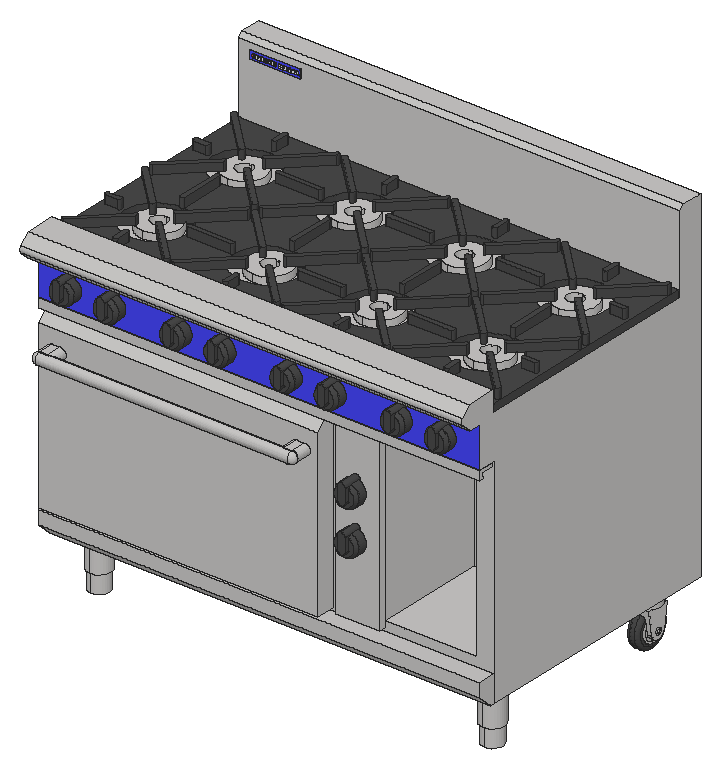
Revit family "QF_MOFFAT_BLUESEAL_CE_GE508D", category Specialty Equipment, Revit 2012 (continued)
Automatic sketch dimensions
  Revolve 37 sketch curve to Revolve 37 sketch curve = 8.336 mm
  Revolve 37 sketch curve to Revolve 37 sketch curve = 6.35 mm  (x2)
  Extrusion 38 sketch curve to plane 23 = 0 mm
  Extrusion 38 sketch curve to plane 23 = 19.393 mm
  Extrusion 38 sketch curve to plane 23 = 31.75 mm
  plane 23 to Extrusion 38 sketch curve = 19.393 mm
  plane 23 to Extrusion 38 sketch curve = 31.75 mm
  level to Extrusion 38 sketch curve = 45.111 mm
  Extrusion 38 sketch curve to Extrusion 38 sketch curve = 4.889 mm
  Extrusion 38 sketch curve to Extrusion 38 sketch curve = 64.889 mm
  Revolve 39 sketch curve to level = 0 mm
  Revolve 39 sketch curve to plane 23 = 0 mm  (x2)
  Revolve 39 sketch curve to Revolve 39 sketch curve = 27.5 mm
  Revolve 39 sketch curve to Revolve 39 sketch curve = 31.75 mm
  Revolve 39 sketch curve to level = 55 mm
  Revolve 39 sketch curve to Revolve 39 sketch curve = 50 mm
  Revolve 39 sketch curve to Revolve 39 sketch curve = 0 mm
  Revolve 39 sketch curve to Revolve 39 sketch curve = 100 mm
  Revolve 40 sketch curve to level = 0 mm
  Revolve 40 sketch curve to plane 23 = 0 mm  (x2)
  Revolve 40 sketch curve to Revolve 40 sketch curve = 27.5 mm
  Revolve 40 sketch curve to Revolve 40 sketch curve = 31.75 mm
  level to Revolve 40 sketch curve = 50 mm
  Revolve 40 sketch curve to Revolve 40 sketch curve = 0 mm
  Revolve 40 sketch curve to Revolve 40 sketch curve = 100 mm
  Revolve 40 sketch curve to Revolve 40 sketch curve = 55 mm
  plane 14 to Revolve 41 sketch curve = 25.382 mm
  Revolve 41 sketch curve to Revolve 41 sketch curve = 1.27 mm  (x4)
  Revolve 41 sketch curve to Revolve 41 sketch curve = 1.524 mm  (x2)
  plane 14 to Revolve 41 sketch curve = 10.442 mm
  plane 14 to Revolve 41 sketch curve = 7.68 mm
  Revolve 41 sketch curve to Revolve 41 sketch curve = 0.794 mm  (x2)
  Revolve 41 sketch curve to Revolve 41 sketch curve = 3.57 mm
  Revolve 41 sketch curve to Revolve 41 sketch curve = 2.143 mm
  Revolve 41 sketch curve to plane 14 = 2.639 mm
  Revolve 41 sketch curve to plane 11 = 0.13 mm
  Revolve 41 sketch curve to plane 11 = 1.339 mm
  Revolve 41 sketch curve to plane 11 = 9.515 mm
  Revolve 41 sketch curve to Revolve 41 sketch curve = 1.349 mm  (x2)
  Revolve 41 sketch curve to Revolve 41 sketch curve = 3.556 mm
  Revolve 41 sketch curve to Revolve 41 sketch curve = 12.146 mm
  Revolve 41 sketch curve to plane 3 "LEFT" = 2.68 mm
  level to Revolve 41 sketch curve = 101.6 mm
  Revolve 41 sketch curve to Revolve 41 sketch curve = 6.35 mm  (x4)
  Revolve 41 sketch curve to Revolve 41 sketch curve = 8.247 mm
  Revolve 41 sketch curve to Revolve 41 sketch curve = 8.336 mm
  Revolve 41 sketch curve to Revolve 41 sketch curve = 2.061 mm
  Revolve 41 sketch curve to Revolve 41 sketch curve = 2.053 mm
  Revolve 41 sketch curve to Revolve 41 sketch curve = 10.045 mm
  Revolve 41 sketch curve to Revolve 41 sketch curve = 9.964 mm
  Revolve 41 sketch curve to Revolve 41 sketch curve = 3.447 mm  (x2)
  Revolve 41 sketch curve to Revolve 41 sketch curve = 3.505 mm
  plane 22 to Revolve 42 sketch curve = 52.5 mm
  Revolve 42 sketch curve to Revolve 42 sketch curve = 0 mm  (x2)
  Revolve 42 sketch curve to Revolve 42 sketch curve = 11 mm
  Revolve 42 sketch curve to Revolve 42 sketch curve = 12.7 mm
  plane 22 to Revolve 42 sketch curve = 18.5 mm
  plane 22 to Revolve 42 sketch curve = 8.5 mm
  Revolve 42 sketch curve to plane 18 = 224.368 mm
  Revolve 42 sketch curve to Revolve 42 sketch curve = 5 mm
  Revolve 42 sketch curve to Revolve 42 sketch curve = 26.651 mm
  Revolve 42 sketch curve to Revolve 42 sketch curve = 5.849 mm
  plane 7 "Center Y" to Extrusion 43 sketch curve = 227.344 mm
  Extrusion 43 sketch curve to Extrusion 43 sketch curve = 10 mm
  Extrusion 43 sketch curve to plane 18 = 232.368 mm
  Extrusion 43 sketch curve to Extrusion 43 sketch curve = 35 mm
  radius of Extrusion 6 sketch curve = 10 mm
  radius of Extrusion 8 sketch curve = 85 mm  (x8)
  radius of Extrusion 32 sketch curve = 57 mm  (x8)
  radius of Extrusion 32 sketch curve = 22 mm  (x8)
  radius of Extrusion 33 sketch curve = 6.35 mm
Nested families
  nested 1: "WALDORF LOGO_FACE BASE" at (32, -70, 1056.385) x (1, 0, 0) z (0, -1, 0), visible <- "Show Logo", type "WALDORF LOGO_FACE BASE", detail levels medium+fine
    with Show Logo yes
Connectors
  piping at (1070, -32, 655)
    settings: on Extrusion 6, index 4, connector radius 0.37402", flow factor 0, pipe flow 0 GPM, pressure drop 0.00 psi, fitting loss kfactor 0, connector angle 0.00°, fixture units 0, engagement length 0 mm, flow configuration 1, flow direction 1, fitting loss method 0, system type 7, joint type 0, gender type 0, connector reference index -1, connector utility 0, adjustable connector no, is connector primary yes, fitting loss table "", connector description "GAS CONNECTION"
  electrical at (826, -501, 148.072), driven by "Volts", driven by "Watts"
    settings: on Extrusion 33, index 5, voltage 400 V, apparent load 6500 VA, apparent load phase1 0 VA, apparent load phase2 0 VA, apparent load phase3 0 VA, power factor 1, load classification "Other", number of poles 1, system type 30, power factor state 1, is connector primary yes, connector utility no, sub classification motor no, connector description "ELECTRICAL CONNECTION"
Definition of nested family "WALDORF LOGO_FACE BASE"
  Parameters (values of type "WALDORF LOGO_FACE BASE")
    Show Logo [instance] = yes
    Default Elevation = 1219.2 mm
  Reference planes
    plane 1 "Center (Front/Back)": y = 0
    plane 2: z = 0
    plane 3 "Center (Left/Right)": x = 0
  Forms (mm)
    Extrusion 1, solid
      sketch origin (0, 0, 0) x (1, 0, 0) y (0, 1, 0)
        loop
          line (-1219.2, 1219.2) -> (-1219.2, -1219.2) -> (1219.2, -1219.2) -> (1219.2, 1219.2) -> (-1219.2, 1219.2)
      from 0 to -304.8
    Extrusion 2, solid, material "QF_Finishes_Blue", visible <- "Show Logo"
      sketch origin (0, -33.217, 0) x (1, 0, 0) y (0, 1, 0)
        loop
          arc (138, 31.942) -> (137.626, 32.844) -> (136.724, 33.217) r 1.276
          line (136.724, 33.217) -> (1.29, 33.217)
          arc (1.29, 33.217) -> (0.378, 32.839) -> (0, 31.927) r 1.29
          line (0, 31.927) -> (0, 11.507)
          arc (0, 11.507) -> (0.378, 10.595) -> (1.29, 10.217) r 1.29
          line (1.29, 10.217) -> (136.71, 10.217)
          arc (136.71, 10.217) -> (137.622, 10.595) -> (138, 11.507) r 1.29
          line (138, 11.507) -> (138, 31.942)
      from 0 to 1.588
    Extrusion 3, solid, material "QF_Finishes_White", visible <- "Show Logo"
      sketch origin (0, -33.217, 1.588) x (1, 0, 0) y (0, 1, 0)
        loop
          arc (108.946, 25.919) -> (107.613, 25.367) -> (107.061, 24.034) r 1.885
          line (107.061, 24.034) -> (107.061, 17.211) -> (112.704, 17.211) -> (112.704, 19.129) -> (115.546, 19.129) -> (115.546, 17.211) -> (121.584, 17.211) -> (121.584, 24.075)
          arc (121.584, 24.075) -> (121.043, 25.379) -> (119.739, 25.919) r 1.845
          line (119.739, 25.919) -> (108.946, 25.919)
        loop
          line (123.478, 25.919) -> (123.478, 17.163) -> (134.904, 17.163) -> (134.904, 19.129) -> (129.246, 19.129) -> (129.246, 25.919) -> (123.478, 25.919)
        loop
          line (112.704, 21.258) -> (115.546, 21.258) -> (115.546, 22.702)
          arc (115.546, 22.702) -> (115.344, 23.188) -> (114.858, 23.389) r 0.687
          line (114.858, 23.389) -> (113.363, 23.389)
          arc (113.363, 23.389) -> (112.897, 23.196) -> (112.704, 22.73) r 0.658
          line (112.704, 22.73) -> (112.704, 21.258)
        loop
          line (105.071, 25.919) -> (93.771, 25.919) -> (93.771, 17.163) -> (105.071, 17.163) -> (105.071, 19.063) -> (99.535, 19.063) -> (99.535, 20.437) -> (105.071, 20.437) -> (105.071, 22.278) -> (99.535, 22.278) -> (99.535, 23.587) -> (105.071, 23.587) -> (105.071, 25.919)
        loop
          line (91.104, 25.919) -> (79.541, 25.919)
          arc (79.541, 25.919) -> (78.558, 25.513) -> (78.152, 24.53) r 1.389
          line (78.152, 24.53) -> (78.152, 22.08)
          arc (78.152, 22.08) -> (78.558, 21.098) -> (79.541, 20.691) r 1.389
          line (79.541, 20.691) -> (86.346, 20.691) -> (86.346, 18.864) -> (83.266, 18.864) -> (83.266, 19.664) -> (78.152, 19.664) -> (78.152, 18.553)
          arc (78.152, 18.553) -> (78.558, 17.57) -> (79.541, 17.163) r 1.389
          line (79.541, 17.163) -> (91.063, 17.163)
          arc (91.063, 17.163) -> (92.045, 17.57) -> (92.452, 18.553) r 1.389
          line (92.452, 18.553) -> (92.452, 20.691)
          arc (92.452, 20.691) -> (92.045, 21.673) -> (91.063, 22.08) r 1.389
          line (91.063, 22.08) -> (83.266, 22.08) -> (83.266, 23.984) -> (86.346, 23.984) -> (86.346, 22.743) -> (92.452, 22.743) -> (92.452, 24.571)
          arc (92.452, 24.571) -> (92.057, 25.524) -> (91.104, 25.919) r 1.348
        loop
          line (70.705, 25.919) -> (59.405, 25.919) -> (59.405, 17.163) -> (70.705, 17.163) -> (70.705, 19.063) -> (65.169, 19.063) -> (65.169, 20.437) -> (70.705, 20.437) -> (70.705, 22.278) -> (65.169, 22.278) -> (65.169, 23.587) -> (70.705, 23.587) -> (70.705, 25.919)
        loop
          line (57.598, 25.919) -> (51.7, 25.919) -> (51.7, 20.18)
          arc (51.7, 20.18) -> (50.63, 19.11) -> (49.56, 20.18) r 1.07
          line (49.56, 20.18) -> (49.56, 25.919) -> (43.663, 25.919) -> (43.663, 19.049)
          arc (43.663, 19.049) -> (44.215, 17.716) -> (45.548, 17.163) r 1.885
          line (45.548, 17.163) -> (55.71, 17.163)
          arc (55.71, 17.163) -> (57.045, 17.716) -> (57.598, 19.051) r 1.887
          line (57.598, 19.051) -> (57.598, 25.919)
        loop
          line (31.62, 25.919) -> (31.62, 17.163) -> (43.046, 17.163) -> (43.046, 19.129) -> (37.388, 19.129) -> (37.388, 25.919) -> (31.62, 25.919)
        loop
          line (15.969, 25.919) -> (15.969, 17.163) -> (28.693, 17.163)
          arc (28.693, 17.163) -> (29.812, 17.627) -> (30.276, 18.746) r 1.582
          line (30.276, 18.746) -> (30.276, 20.447) -> (29.48, 21.243) -> (30.276, 22.039) -> (30.276, 24.332)
          arc (30.276, 24.332) -> (29.811, 25.454) -> (28.688, 25.919) r 1.587
          line (28.688, 25.919) -> (15.969, 25.919)
        loop
          line (21.449, 24.159) -> (21.449, 22.436) -> (23.862, 22.436)
          arc (23.862, 22.436) -> (24.723, 23.298) -> (23.862, 24.159) r 0.861
          line (23.862, 24.159) -> (21.449, 24.159)
        loop
          line (21.449, 20.244) -> (21.449, 18.522) -> (23.862, 18.522)
          arc (23.862, 18.522) -> (24.723, 19.383) -> (23.862, 20.244) r 0.861
          line (23.862, 20.244) -> (21.449, 20.244)
      from 0 to 0.2
    Extrusion 4, solid, material "QF_Finishes_Blue", visible <- "Show Logo"
      sketch origin (-126.498, -31.09, 1.588) x (1, 0, 0) y (0, 1, 0)
        loop
          line (136.738, 23.522) -> (136.738, 15.1)
          arc (136.738, 15.1) -> (140.756, 19.311) -> (136.738, 23.522) r 4.216
      from 0 to 0.2
    Extrusion 5, solid, material "QF_Finishes_Red", visible <- "Show Logo"
      sketch origin (146.849, -31.09, 1.588) x (-1, 0, 0) y (0, -1, 0)
        loop
          arc (136.738, -23.522) -> (140.756, -19.311) -> (136.738, -15.1) r 4.216
          line (136.738, -15.1) -> (136.738, -23.522)
      from 0 to 0.2
  Lines and regions (mm)
    Split face 1
      outline origin (-90.35, -30.793, 1.588) x (1, 0, 0) y (0, 1, 0)
        loop
          circle (100.54, 19.013) r 4.536
  Dimensions and locks
    aligned and locked: plane 2 to Extrusion 1
    aligned and locked: level to Extrusion 1
